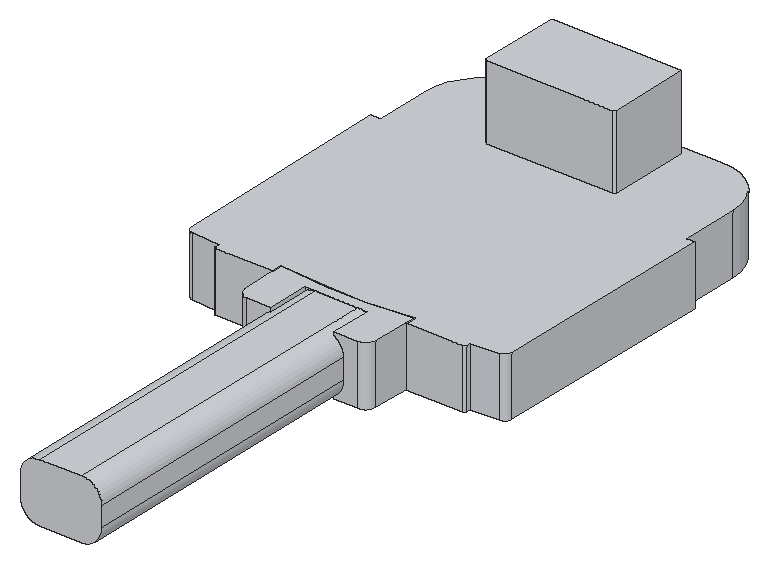
Revit family "Deca_Caixa de descarga embutida para alvenaria e drywall para bacia de piso_Caixa embutida Hydra_2500.CX.AF", category Plumbing Fixtures, host Face, Revit 2019 (continued)
Lines and regions (mm)
  symbolic lines, visible <- "Visibilidade Mecanismo Interno", not visible, detail levels fine
    curve 831: line (16.825, 1012.65, -89.704) -> (16.825, 1012.65, -108.304)
    curve 832: line (16.825, 1012.65, -108.304) -> (16.825, 1024.15, -108.304)
    curve 833: line (16.825, 1003.65, -108.304) -> (16.825, 1003.65, -89.504)
    curve 834: line (16.825, 1003.65, -89.704) -> (16.825, 999, -89.704)
    curve 835: line (16.825, 1003.65, -108.304) -> (16.825, 999, -108.304)
    curve 836: line (16.825, 1012.65, -99.011) -> (16.825, 1003.65, -99.011)
    curve 837: line (16.825, 1012.65, -89.704) -> (16.825, 1003.65, -89.704)
    curve 838: line (16.825, 1003.65, -108.304) -> (16.825, 1012.65, -108.304)
    curve 839: line (16.825, 987.25, -50.056) -> (16.825, 987.25, -44.806)
    curve 840: line (16.825, 987.25, -44.806) -> (16.825, 856.75, -44.806)
    curve 841: line (16.825, 856.75, -44.806) -> (16.825, 856.75, -50.056)
    curve 842: line (16.825, 856.75, -50.056) -> (16.825, 989, -50.056)
    curve 843: line (16.825, 989, -50.056) -> (16.825, 989, -61.056)
    curve 844: line (16.825, 989, -61.056) -> (16.825, 861, -61.056)
    curve 845: line (16.825, 861, -61.056) -> (16.825, 861, -70.004)
    curve 846: line (16.825, 864, -61.056) -> (16.825, 864, -50.056)
    curve 847: line (16.825, 861, -65.606) -> (16.825, 848.32, -65.606)
    curve 848: line (16.825, 849.75, -93.004) -> (16.825, 849.75, -104.035)
    curve 849: line (16.825, 849.75, -104.035) -> (16.825, 849.75, -125.619)
    curve 850: line (16.825, 852.25, -93.004) -> (16.825, 852.25, -104.035)
    curve 851: line (16.825, 852.25, -104.035) -> (16.825, 852.25, -125.619)
    curve 852: line (16.825, 869.75, -93.004) -> (16.825, 869.75, -104.035)
    curve 853: line (16.825, 869.75, -104.035) -> (16.825, 869.75, -125.619)
    curve 854: line (16.825, 872.25, -93.004) -> (16.825, 872.25, -104.035)
    curve 855: line (16.825, 872.25, -104.035) -> (16.825, 872.25, -125.619)
    curve 856: line (16.825, 848, -137.169) -> (16.825, 848, -142.327)
    curve 857: line (16.825, 508.303, -140.088) -> (16.825, 846.916, -141.001)
    curve 858: arc (16.825, 502.859, -139.049) -> (16.825, 505.532, -139.822) -> (16.825, 508.303, -140.088) r 15
    curve 859: line (16.825, 848.32, -70.004) -> (16.825, 848.32, -55.503)
    curve 860: line (16.825, 848.32, -55.503) -> (16.825, 797.978, -55.639)
    curve 861: line (16.825, 523.758, -57.878) -> (16.825, 797.978, -57.139)
    curve 862: line (16.825, 797.978, -55.639) -> (16.825, 797.978, -57.139)
    curve 863: line (16.825, 523.758, -57.878) -> (16.825, 486, -59.254)
    curve 864: line (16.825, 856.75, -41.56) -> (16.825, 987.25, -41.56)
    curve 865: line (16.825, 987.25, -41.56) -> (16.825, 987.25, -40)
    curve 866: line (16.825, 987.25, -40) -> (16.825, 856.75, -40)
    curve 867: line (16.825, 856.75, -40) -> (16.825, 856.75, -41.56)
    curve 868: line (16.825, 978.544, -44.806) -> (16.825, 978.544, -41.56)
    curve 869: line (16.825, 981.25, -44.806) -> (16.825, 981.25, -41.56)
    curve 870: line (16.825, 862.75, -44.806) -> (16.825, 862.75, -41.56)
    curve 871: line (16.825, 865.456, -44.806) -> (16.825, 865.456, -41.56)
Dimensions and locks
  "Distância": level to plane 4
  aligned and locked: plane 2 to host face
  aligned and locked: level to host face
Automatic sketch dimensions
  curve 381 to curve 385 = 25.799 mm
  curve 385 to curve 384 = 1.035 mm
  curve 384 to curve 384 = 2.446 mm  (x2)
  curve 387 to curve 388 = 14.217 mm
  curve 393 to curve 331 = 2.463 mm
  curve 391 to curve 391 = 4 mm
  curve 389 to curve 341 = 7.581 mm
  curve 331 to curve 329 = 14.142 mm
  curve 389 to curve 362 = 11.117 mm
  curve 362 to curve 363 = 9.986 mm
  curve 362 to curve 364 = 9.986 mm
  curve 359 to curve 328 = 8.669 mm
  curve 361 to curve 342 = 8.669 mm
  curve 364 to curve 375 = 10.971 mm
  curve 376 to curve 377 = 0.05 mm  (x2)
  curve 342 to curve 343 = 4.848 mm
  curve 327 to curve 326 = 3.105 mm  (x2)
  curve 342 to curve 373 = 29.305 mm  (x2)
  curve 373 to curve 374 = 25 mm
  curve 374 to curve 378 = 47.019 mm
  curve 380 to curve 379 = 0.05 mm
  curve 375 to curve 397 = 50.375 mm
  curve 397 to curve 398 = 1.563 mm
  curve 397 to curve 345 = 85.404 mm
  curve 345 to curve 395 = 4.807 mm
  curve 395 to curve 350 = 59.437 mm
  curve 349 to curve 350 = 0 mm
  curve 395 to curve 406 = 49.282 mm
  curve 350 to curve 421 = 78.227 mm
  curve 343 to curve 421 = 1.736 mm
  curve 343 to curve 347 = 42.182 mm
  curve 347 to curve 346 = 0.158 mm
  curve 346 to curve 348 = 0 mm
  curve 421 to curve 422 = 0.5 mm  (x2)
  curve 422 to curve 423 = 0.5 mm
  curve 422 to curve 420 = 1.732 mm
  curve 347 to curve 357 = 64.968 mm
  curve 357 to curve 352 = 54.64 mm
  curve 352 to curve 351 = 0.158 mm
  curve 354 to curve 351 = 0 mm
  curve 409 to curve 395 = 49.001 mm
  curve 396 to curve 400 = 6.295 mm
  curve 399 to curve 372 = 50.208 mm
  curve 372 to curve 371 = 0.05 mm
  curve 370 to curve 339 = 54.48 mm
  curve 338 to curve 429 = 84.057 mm
  curve 338 to curve 337 = 3.107 mm
  curve 337 to curve 369 = 13.468 mm
  curve 369 to curve 367 = 1.4 mm
  curve 337 to curve 337 = 4.848 mm  (x2)
  curve 420 to curve 429 = 4.848 mm  (x2)
  curve 337 to curve 336 = 2.813 mm
  curve 428 to curve 366 = 13.916 mm
  curve 336 to curve 359 = 5.952 mm
  curve 359 to curve 336 = 4.467 mm
  curve 335 to curve 334 = 3.73 mm
  curve 366 to curve 360 = 9.908 mm
  curve 334 to curve 334 = 3.869 mm
  curve 366 to curve 425 = 11.056 mm
  curve 415 to curve 332 = 4.337 mm
  curve 425 to curve 424 = 4 mm
  curve 418 to curve 417 = 17.636 mm
  curve 417 to curve 427 = 5.202 mm
  curve 422 to curve 423 = 1.732 mm
  curve 421 to curve 342 = 194.999 mm
  curve 342 to curve 342 = 4.848 mm
  curve 428 to curve 361 = 5.949 mm
  curve 340 to curve 391 = 11.069 mm
  curve 428 to curve 426 = 7.594 mm
  curve 388 to curve 387 = 14.217 mm
  curve 374 to curve 373 = 25 mm
  curve 424 to curve 417 = 23.148 mm
  curve 392 to curve 392 = 2.062 mm
  curve 392 to curve 384 = 0.804 mm
  curve 417 to curve 416 = 12.73 mm
  curve 343 to curve 350 = 78.227 mm
  curve 343 to curve 348 = 42.024 mm
  curve 351 to curve 348 = 67.5 mm
  curve 350 to curve 349 = 0 mm
  curve 351 to curve 353 = 0 mm
  curve 348 to curve 346 = 0 mm
  curve 353 to curve 352 = 0.158 mm
  curve 346 to curve 347 = 0.158 mm
  curve 385 to curve 381 = 25.799 mm
  curve 416 to curve 411 = 26.462 mm
  curve 393 to curve 378 = 34.378 mm
  curve 393 to curve 362 = 17.539 mm
  curve 362 to curve 394 = 11.131 mm
  curve 367 to curve 371 = 1.35 mm
  curve 378 to curve 379 = 1.35 mm
  curve 367 to curve 368 = 1.35 mm
  curve 377 to curve 376 = 1.35 mm
  curve 371 to curve 372 = 0.05 mm
  curve 368 to curve 369 = 0.05 mm
  curve 360 to curve 415 = 7.183 mm
  curve 393 to curve 331 = 1.168 mm
  curve 369 to curve 370 = 1.35 mm
  curve 331 to curve 331 = 1.299 mm
  curve 415 to curve 332 = 1.96 mm
  curve 359 to curve 329 = 11.38 mm
  curve 359 to curve 334 = 7.645 mm
  curve 335 to curve 336 = 3.73 mm
  curve 359 to curve 336 = 5.952 mm
  curve 329 to curve 328 = 2.821 mm  (x2)
  curve 338 to curve 339 = 3.107 mm
  curve 339 to curve 358 = 6.948 mm
  curve 357 to curve 396 = 49.282 mm
  curve 395 to curve 398 = 6.818 mm
  curve 399 to curve 400 = 1.56 mm
  curve 331 to curve 330 = 2.986 mm
  curve 391 to curve 340 = 1.806 mm
  curve 387 to curve 390 = 4.5 mm
  curve 330 to curve 364 = 3.157 mm
  curve 340 to curve 362 = 3.157 mm
  curve 340 to curve 390 = 1.028 mm
  curve 327 to curve 328 = 1.893 mm
  curve 327 to curve 327 = 0.014 mm
  curve 404 to curve 405 = 2.706 mm
  curve 345 to curve 401 = 2.805 mm
  curve 326 to curve 357 = 7.034 mm
  curve 347 to curve 347 = 18.5 mm
  curve 357 to curve 407 = 32.4 mm
  curve 407 to curve 408 = 21 mm
  curve 346 to curve 348 = 18.5 mm
  curve 357 to curve 339 = 6.948 mm
  curve 353 to curve 352 = 21.998 mm
  curve 354 to curve 351 = 3.506 mm
  curve 352 to curve 351 = 18.5 mm
  curve 403 to curve 395 = 2.706 mm
  curve 351 to curve 354 = 3.547 mm
  curve 354 to curve 353 = 0.437 mm
  curve 402 to curve 344 = 2.706 mm
  curve 338 to curve 338 = 5.002 mm
  curve 338 to curve 338 = 0.014 mm
  curve 335 to curve 335 = 0.016 mm
  curve 366 to curve 419 = 3.082 mm
  curve 360 to curve 333 = 3.082 mm
  curve 419 to curve 425 = 7.581 mm
  curve 419 to curve 428 = 0.022 mm
  curve 333 to curve 335 = 2.131 mm
  curve 419 to curve 424 = 1.806 mm
  curve 333 to curve 332 = 2.986 mm
  curve 419 to curve 424 = 2.652 mm
  curve 418 to curve 417 = 8.972 mm
  curve 417 to curve 418 = 0.945 mm
  curve 417 to curve 427 = 2.531 mm  (x2)
  curve 428 to curve 419 = 0.022 mm
  curve 340 to curve 390 = 5.54 mm
  curve 340 to curve 387 = 3.973 mm
  curve 419 to curve 418 = 3.973 mm
  curve 418 to curve 418 = 8.192 mm
  curve 418 to curve 417 = 0.945 mm
  curve 388 to curve 381 = 4.123 mm
  curve 416 to curve 416 = 9.5 mm
  curve 385 to curve 385 = 8.964 mm
  curve 389 to curve 393 = 5 mm
  curve 414 to curve 415 = 0.529 mm
  curve 332 to curve 415 = 0.163 mm
  curve 356 to curve 357 = 1.1 mm
  curve 388 to curve 340 = 2.652 mm
  curve 383 to curve 388 = 9.014 mm
  curve 383 to curve 393 = 0.638 mm  (x2)
  curve 416 to curve 413 = 25.933 mm
  curve 412 to curve 412 = 8 mm
  curve 429 to curve 366 = 15.955 mm
  curve 429 to curve 361 = 8.739 mm
  curve 367 to curve 365 = 10.853 mm
  curve 414 to curve 424 = 8.5 mm
  curve 414 to curve 413 = 0.707 mm
  curve 413 to curve 414 = 0.707 mm
  curve 336 to curve 337 = 7.544 mm
  curve 345 to curve 345 = 85.193 mm
  curve 402 to curve 397 = 85.647 mm
  curve 328 to curve 328 = 4.849 mm  (x2)
  curve 382 to curve 383 = 0.707 mm  (x2)
  curve 382 to curve 381 = 0.707 mm
  curve 381 to curve 382 = 0.707 mm
  curve 382 to curve 382 = 7 mm
  curve 384 to curve 385 = 1.035 mm
  curve 384 to curve 392 = 0.804 mm
  curve 353 to curve 354 = 0 mm  (x4)
  curve 387 to curve 386 = 9.575 mm
  curve 387 to curve 386 = 0.945 mm
  curve 354 to curve 355 = 0 mm  (x4)
  curve 341 to curve 361 = 11.38 mm
  curve 353 to curve 355 = 0 mm  (x2)
  curve 341 to curve 342 = 2.821 mm
  curve 214 to curve 213 = 44.739 mm
  curve 213 to curve 212 = 1 mm
  curve 219 to curve 219 = 12 mm
  curve 212 to curve 210 = 91.8 mm
  curve 210 to curve 209 = 1 mm
  curve 209 to curve 215 = 326.529 mm
  curve 216 to curve 214 = 49.8 mm  (x2)
  curve 312 to curve 311 = 5.542 mm
  curve 214 to curve 315 = 37.783 mm
  curve 315 to curve 316 = 274.22 mm
  curve 315 to curve 238 = 40.825 mm
  curve 238 to curve 237 = 2 mm
  curve 232 to curve 232 = 2.5 mm
  curve 236 to curve 314 = 17.798 mm
  curve 231 to curve 303 = 14.08 mm
  curve 302 to curve 304 = 2.5 mm
  curve 313 to curve 295 = 10.036 mm
  curve 321 to curve 294 = 3.246 mm
  curve 305 to curve 227 = 14.318 mm
  curve 295 to curve 299 = 11.792 mm
  curve 320 to curve 223 = 85.405 mm
  curve 304 to curve 306 = 17.5 mm
  curve 306 to curve 308 = 2.5 mm
  curve 309 to curve 274 = 10.176 mm
  curve 309 to curve 233 = 11.695 mm
  curve 234 to curve 235 = 2.5 mm
  curve 235 to curve 239 = 5 mm
  curve 249 to curve 248 = 11.492 mm
  curve 246 to curve 248 = 4.08 mm
  curve 248 to curve 272 = 2.832 mm
  curve 246 to curve 273 = 2.832 mm
  curve 273 to curve 250 = 1.688 mm  (x2)
  curve 272 to curve 254 = 1.688 mm
  curve 250 to curve 243 = 3.59 mm
  curve 254 to curve 244 = 3.59 mm
  curve 273 to curve 251 = 0.895 mm
  curve 272 to curve 255 = 0.895 mm  (x2)
  curve 254 to curve 228 = 11.394 mm
  curve 254 to curve 247 = 2.424 mm  (x2)
  curve 250 to curve 245 = 2.424 mm
  curve 229 to curve 244 = 2.368 mm  (x2)
  curve 243 to curve 243 = 2.416 mm
  curve 251 to curve 252 = 4.229 mm
  curve 256 to curve 252 = 1.53 mm
  curve 252 to curve 253 = 0.365 mm
  curve 256 to curve 257 = 0.365 mm  (x2)
  curve 257 to curve 258 = 1.335 mm  (x2)
  curve 245 to curve 275 = 3.852 mm  (x2)
  curve 247 to curve 271 = 3.852 mm
  curve 224 to curve 293 = 7.688 mm
  curve 318 to curve 293 = 3.246 mm
  curve 277 to curve 298 = 7.7 mm
  curve 271 to curve 265 = 4.668 mm
  curve 275 to curve 262 = 4.667 mm
  curve 262 to curve 267 = 0.835 mm  (x2)
  curve 265 to curve 269 = 0.835 mm
  curve 262 to curve 261 = 0.974 mm
  curve 265 to curve 266 = 1.075 mm  (x2)
  curve 269 to curve 230 = 1.951 mm
  curve 261 to curve 268 = 1.185 mm
  curve 266 to curve 270 = 1.104 mm
  curve 268 to curve 267 = 1.423 mm  (x2)
  curve 230 to curve 269 = 0.841 mm
  curve 268 to curve 260 = 4.444 mm
  curve 270 to curve 264 = 4.444 mm
  curve 264 to curve 282 = 2.507 mm  (x2)
  curve 277 to curve 279 = 18.029 mm
  curve 281 to curve 280 = 1.35 mm
  curve 289 to curve 292 = 4.65 mm
  curve 281 to curve 263 = 8.028 mm  (x2)
  curve 259 to curve 263 = 2.775 mm
  curve 288 to curve 291 = 9 mm
  curve 284 to curve 283 = 11.5 mm
  curve 312 to curve 218 = 16.861 mm
  curve 312 to curve 227 = 352.711 mm
  curve 227 to curve 233 = 17.56 mm
  curve 229 to curve 244 = 1.9 mm
  curve 229 to curve 269 = 1.951 mm
  curve 269 to curve 269 = 1.779 mm
  curve 265 to curve 265 = 0.835 mm
  curve 219 to curve 220 = 2.071 mm
  curve 270 to curve 270 = 1.423 mm
  curve 244 to curve 254 = 3.59 mm
  curve 265 to curve 271 = 4.668 mm
  curve 270 to curve 264 = 3.959 mm
  curve 254 to curve 272 = 1.688 mm
  curve 272 to curve 248 = 2.832 mm
  curve 255 to curve 256 = 4.229 mm
  curve 234 to curve 274 = 17.248 mm
  curve 248 to curve 249 = 11.492 mm
  curve 257 to curve 253 = 1.09 mm
  curve 253 to curve 252 = 0.365 mm
  curve 263 to curve 259 = 2.775 mm
  curve 248 to curve 246 = 4.08 mm
  curve 246 to curve 251 = 3.23 mm
  curve 251 to curve 273 = 0.895 mm
  curve 281 to curve 260 = 9.199 mm
  curve 251 to curve 245 = 2.447 mm
  curve 259 to curve 283 = 18.555 mm
  curve 260 to curve 268 = 4.444 mm
  curve 268 to curve 261 = 1.185 mm
  curve 261 to curve 262 = 0.974 mm
  curve 245 to curve 243 = 3.785 mm
  curve 245 to curve 243 = 2.416 mm
  curve 274 to curve 304 = 26.224 mm
  curve 274 to curve 309 = 12.425 mm
  curve 304 to curve 303 = 2.5 mm
  curve 307 to curve 308 = 2.5 mm
  curve 217 to curve 215 = 49.8 mm
  curve 308 to curve 239 = 17.628 mm
  curve 285 to curve 284 = 18.6 mm
  curve 291 to curve 280 = 12.266 mm
  curve 276 to curve 277 = 9.751 mm
  curve 277 to curve 298 = 8.161 mm
  curve 214 to curve 317 = 37.783 mm
  curve 237 to curve 316 = 40.825 mm
  curve 315 to curve 316 = 1.5 mm
  curve 298 to curve 314 = 13.843 mm
  curve 297 to curve 297 = 11 mm
  curve 293 to curve 293 = 5.25 mm
  curve 294 to curve 321 = 3.246 mm
  curve 318 to curve 320 = 1.56 mm
  curve 209 to curve 210 = 44.011 mm
  curve 224 to curve 223 = 85.194 mm
  curve 232 to curve 311 = 6.472 mm
  curve 311 to curve 310 = 3.982 mm  (x2)
  curve 324 to curve 222 = 1.56 mm
  curve 298 to curve 300 = 3 mm
  curve 324 to curve 325 = 2.706 mm
  curve 222 to curve 225 = 2.706 mm
  curve 253 to curve 246 = 4.629 mm
  curve 257 to curve 248 = 4.629 mm
  curve 253 to curve 253 = 3.164 mm
  curve 252 to curve 253 = 0 mm
  curve 256 to curve 257 = 0 mm
  curve 255 to curve 256 = 0 mm
  curve 251 to curve 252 = 0 mm
  curve 322 to curve 224 = 3.124 mm
  curve 226 to curve 223 = 2.706 mm
  curve 323 to curve 224 = 1.56 mm
  curve 248 to curve 247 = 0 mm
  curve 246 to curve 245 = 0.002 mm
  curve 275 to curve 259 = 2.642 mm
  curve 264 to curve 263 = 0 mm
  curve 260 to curve 259 = 0 mm
  curve 266 to curve 265 = 0.935 mm
  curve 261 to curve 260 = 0 mm
  curve 278 to curve 279 = 6.65 mm
  curve 271 to curve 270 = 0 mm
  curve 275 to curve 268 = 0 mm
  curve 272 to curve 271 = 0 mm
  curve 273 to curve 275 = 0.002 mm
  curve 274 to curve 260 = 1.569 mm
  curve 311 to curve 232 = 6.472 mm
  curve 310 to curve 311 = 1.712 mm
  curve 232 to curve 305 = 11.45 mm
  curve 307 to curve 274 = 11.246 mm
  curve 307 to curve 309 = 2.5 mm
  curve 305 to curve 303 = 2.5 mm
  curve 285 to curve 290 = 9.293 mm
  curve 288 to curve 291 = 4.65 mm
  curve 288 to curve 287 = 0.2 mm
  curve 299 to curve 301 = 4.398 mm
  curve 241 to curve 240 = 2 mm
  curve 242 to curve 240 = 8.016 mm
  curve 239 to curve 231 = 40.311 mm
  curve 239 to curve 241 = 21.095 mm
  curve 238 to curve 242 = 8.016 mm  (x2)
  curve 223 to curve 296 = 95.565 mm
  curve 100 to curve 168 = 0 mm  (x2)
  curve 101 to curve 102 = 0 mm  (x2)
  curve 101 to curve 103 = 0 mm  (x2)
  curve 101 to curve 104 = 0 mm  (x2)
  curve 101 to curve 169 = 0 mm  (x2)
  curve 102 to curve 103 = 0 mm  (x2)
  curve 102 to curve 104 = 0 mm  (x2)
  curve 102 to curve 169 = 0 mm  (x2)
  curve 103 to curve 104 = 0 mm  (x2)
  curve 103 to curve 169 = 0 mm  (x2)
  curve 104 to curve 169 = 0 mm  (x2)
  plane 1 "Center (Front/Back)" to curve 179 = 0 mm
  curve 181 to plane 3 "Center (Left/Right)" = 0 mm
  plane 1 "Center (Front/Back)" to curve 180 = 0 mm
  curve 194 to plane 3 "Center (Left/Right)" = 10.53 mm
  curve 185 to curve 194 = 1.47 mm
  curve 56 to plane 3 "Center (Left/Right)" = 20.65 mm
  curve 58 to curve 57 = 1.35 mm
  curve 193 to plane 1 "Center (Front/Back)" = 1.886 mm
  curve 193 to plane 3 "Center (Left/Right)" = 38.417 mm
  curve 184 to curve 185 = 30.9 mm
  curve 131 to plane 3 "Center (Left/Right)" = 43 mm
  curve 23 to plane 3 "Center (Left/Right)" = 44 mm
  curve 187 to curve 193 = 5.756 mm
  curve 129 to curve 23 = 1.282 mm
  curve 178 to curve 187 = 1.327 mm  (x2)
  curve 53 to curve 57 = 23.501 mm
  curve 130 to curve 129 = 1.121 mm
  curve 51 to curve 52 = 1.349 mm
  curve 186 to curve 178 = 9.662 mm
  curve 205 to plane 3 "Center (Left/Right)" = 56 mm
  curve 85 to curve 52 = 9.85 mm
  curve 82 to curve 82 = 0.4 mm
  curve 136 to curve 186 = 2.338 mm
  curve 76 to curve 85 = 1.5 mm
  curve 203 to curve 82 = 2.571 mm
  curve 208 to curve 208 = 2 mm
  curve 198 to curve 76 = 3.641 mm
  curve 137 to curve 205 = 9 mm
  curve 202 to curve 198 = 5.659 mm
  curve 197 to curve 198 = 11.317 mm
  curve 201 to curve 197 = 2.57 mm
  curve 78 to curve 202 = 3.641 mm
  curve 24 to curve 137 = 12.829 mm
  curve 84 to curve 201 = 2.171 mm
  curve 86 to curve 78 = 1.496 mm
  curve 51 to curve 83 = 10.25 mm
  curve 38 to curve 50 = 0.964 mm
  curve 43 to plane 3 "Center (Left/Right)" = 89.114 mm
  curve 98 to curve 38 = 0.081 mm
  curve 92 to curve 42 = 0.081 mm
  curve 49 to curve 50 = 1.35 mm
  curve 36 to curve 37 = 1 mm
  curve 28 to curve 92 = 2.702 mm
  curve 33 to curve 49 = 2.397 mm
  curve 89 to curve 36 = 1.787 mm
  curve 91 to curve 36 = 1.787 mm
  curve 25 to curve 128 = 14.477 mm
  curve 162 to curve 128 = 4.347 mm
  curve 161 to curve 162 = 0.577 mm
  curve 160 to curve 162 = 0.671 mm
  curve 26 to curve 91 = 5.995 mm
  curve 35 to curve 89 = 5.995 mm
  curve 157 to curve 160 = 5.374 mm
  curve 67 to curve 34 = 39.891 mm
  curve 65 to curve 27 = 41.033 mm
  curve 67 to curve 64 = 2.061 mm
  curve 44 to curve 65 = 0.97 mm
  curve 66 to curve 65 = 3.395 mm
  curve 174 to curve 65 = 6.612 mm
  curve 175 to curve 174 = 1.528 mm
  curve 174 to curve 175 = 0 mm
  curve 71 to curve 67 = 9.215 mm
  curve 74 to curve 71 = 2.686 mm
  curve 173 to curve 174 = 13.59 mm
  curve 177 to curve 104 = 13.59 mm
  curve 101 to curve 173 = 0.882 mm
  curve 172 to curve 101 = 0.882 mm
  curve 176 to curve 104 = 0.882 mm
  curve 176 to curve 104 = 1.764 mm
  curve 172 to curve 101 = 1.764 mm
  curve 159 to curve 25 = 76.279 mm
  curve 158 to curve 159 = 0.011 mm
  curve 70 to curve 103 = 7.875 mm
  curve 152 to curve 158 = 5.905 mm
  curve 171 to curve 70 = 5.715 mm
  curve 170 to curve 102 = 0 mm
  curve 170 to curve 102 = 1.528 mm
  curve 150 to curve 151 = 3 mm
  curve 75 to curve 73 = 35 mm
  curve 46 to curve 44 = 48.5 mm
  curve 69 to curve 75 = 2.5 mm
  curve 105 to curve 45 = 3.877 mm
  curve 106 to curve 105 = 3.099 mm
  curve 68 to curve 69 = 9.25 mm
  curve 106 to curve 106 = 15.893 mm
  curve 108 to curve 107 = 3.73 mm
  curve 153 to curve 149 = 38.576 mm
  curve 149 to curve 153 = 0.872 mm
  curve 124 to curve 108 = 3 mm
  curve 165 to curve 166 = 1 mm
  curve 122 to curve 124 = 5 mm
  curve 165 to curve 123 = 2 mm
  curve 110 to curve 153 = 10 mm
  curve 154 to curve 110 = 1.079 mm
  curve 155 to curve 154 = 0.216 mm
  curve 156 to curve 155 = 0.994 mm
  curve 108 to curve 122 = 5.869 mm
  curve 47 to curve 167 = 8.4 mm
  curve 168 to curve 168 = 9.5 mm
  curve 122 to curve 108 = 38.631 mm
  curve 120 to curve 121 = 1 mm
  curve 191 to plane 3 "Center (Left/Right)" = 269.882 mm
  curve 90 to curve 120 = 11.401 mm
  plane 3 "Center (Left/Right)" to curve 196 = 10.53 mm
  curve 196 to curve 190 = 1.47 mm
  plane 3 "Center (Left/Right)" to curve 55 = 20.65 mm
  curve 55 to curve 54 = 1.35 mm
  curve 195 to plane 1 "Center (Front/Back)" = 1.886 mm
  plane 3 "Center (Left/Right)" to curve 195 = 38.417 mm
  plane 3 "Center (Left/Right)" to curve 21 = 43 mm
  curve 21 to curve 20 = 1 mm
  curve 195 to curve 188 = 5.756 mm
  curve 20 to curve 133 = 1.487 mm
  curve 54 to curve 59 = 23.5 mm
  curve 188 to curve 180 = 1.327 mm
  curve 133 to curve 134 = 0.915 mm
  curve 59 to curve 61 = 1.35 mm
  curve 180 to curve 189 = 9.662 mm
  plane 3 "Center (Left/Right)" to curve 206 = 56 mm
  curve 189 to curve 125 = 2.338 mm
  curve 207 to curve 207 = 2 mm
  curve 206 to curve 135 = 9 mm
  curve 135 to curve 132 = 12.829 mm
  curve 60 to curve 62 = 41.3 mm
  curve 62 to curve 39 = 0.964 mm
  plane 3 "Center (Left/Right)" to curve 42 = 89.114 mm
  curve 42 to curve 94 = 0.081 mm
  curve 39 to curve 97 = 0.081 mm
  curve 62 to curve 63 = 1.35 mm
  curve 41 to curve 40 = 1 mm
  curve 63 to curve 33 = 2.397 mm
  curve 93 to curve 28 = 2.702 mm
  curve 40 to curve 96 = 1.787 mm
  curve 40 to curve 94 = 1.787 mm
  curve 40 to curve 96 = 1.886 mm
  curve 132 to curve 127 = 14.477 mm
  curve 127 to curve 148 = 4.347 mm
  curve 148 to curve 147 = 0.577 mm
  curve 148 to curve 146 = 0.671 mm
  curve 96 to curve 31 = 5.995 mm
  curve 94 to curve 30 = 5.995 mm
  curve 95 to curve 31 = 6 mm
  curve 146 to curve 140 = 5.374 mm
  curve 32 to curve 64 = 39.897 mm
  curve 30 to curve 2 = 40.004 mm
  curve 2 to curve 1 = 1.773 mm
  curve 4 to curve 4 = 2.055 mm
  curve 5 to curve 5 = 9.212 mm
  curve 5 to curve 8 = 2.689 mm
  curve 132 to curve 145 = 76.279 mm
  curve 145 to curve 144 = 0.011 mm
  curve 2 to curve 7 = 31.097 mm
  curve 144 to curve 141 = 5.905 mm
  curve 142 to curve 143 = 3 mm
  curve 8 to curve 8 = 35 mm
  curve 9 to curve 6 = 2.562 mm
  curve 1 to curve 105 = 52.491 mm
  curve 105 to curve 112 = 3.109 mm
  curve 6 to curve 3 = 9.202 mm
  curve 112 to curve 112 = 15.893 mm
  curve 113 to curve 114 = 3.73 mm
  curve 138 to curve 139 = 38.576 mm
  curve 139 to curve 138 = 0.872 mm
  curve 3 to curve 163 = 19.368 mm
  curve 163 to curve 16 = 0.118 mm
  curve 16 to curve 15 = 5 mm
  curve 16 to curve 17 = 5 mm
  curve 139 to curve 115 = 10 mm
  curve 17 to curve 115 = 5.869 mm
  curve 14 to curve 14 = 44.5 mm
  curve 114 to curve 19 = 38.631 mm
  curve 13 to curve 12 = 1 mm
  plane 3 "Center (Left/Right)" to curve 192 = 269.882 mm
  plane 1 "Center (Front/Back)" to curve 191 = 204.805 mm
  plane 1 "Center (Front/Back)" to curve 192 = 204.805 mm
  curve 180 to curve 188 = 1.327 mm
  curve 180 to curve 189 = 7.284 mm
  curve 136 to curve 186 = 7.284 mm
  curve 188 to curve 190 = 32.173 mm
  curve 185 to curve 190 = 0 mm
  curve 185 to curve 181 = 5.5 mm
  curve 185 to curve 194 = 6.425 mm
  curve 190 to curve 196 = 6.425 mm
  curve 181 to curve 183 = 8 mm
  curve 182 to curve 207 = 85.445 mm
  curve 184 to curve 208 = 85.446 mm
  curve 207 to curve 206 = 10.429 mm
  curve 208 to curve 205 = 10.428 mm
  curve 135 to curve 126 = 271.126 mm
  curve 24 to curve 126 = 0 mm
  curve 24 to curve 129 = 1.466 mm
  curve 126 to curve 20 = 1.568 mm
  curve 159 to curve 25 = 11.614 mm
  curve 145 to curve 132 = 11.614 mm
  curve 129 to curve 130 = 3.075 mm
  curve 133 to curve 134 = 4.023 mm
  curve 159 to curve 158 = 6.629 mm
  curve 145 to curve 144 = 6.629 mm
  curve 134 to curve 21 = 53.41 mm
  curve 127 to curve 147 = 50.713 mm
  curve 128 to curve 161 = 50.713 mm
  curve 147 to curve 148 = 0.337 mm
  curve 161 to curve 162 = 0.337 mm
  curve 144 to curve 141 = 56.208 mm
  curve 158 to curve 152 = 56.208 mm
  curve 148 to curve 146 = 2.704 mm
  curve 162 to curve 160 = 2.704 mm
  curve 146 to curve 140 = 0.47 mm
  curve 160 to curve 160 = 0.47 mm
  curve 143 to curve 143 = 4.9 mm
  curve 150 to curve 150 = 4.9 mm
  curve 138 to curve 138 = 3.451 mm
  curve 149 to curve 149 = 3.451 mm
  curve 139 to curve 115 = 9.875 mm
  curve 149 to curve 110 = 9.875 mm
  curve 110 to curve 154 = 9.074 mm
  curve 154 to curve 156 = 1.891 mm
  curve 155 to curve 155 = 0.109 mm
  curve 139 to curve 114 = 319.987 mm
  curve 155 to curve 110 = 309 mm
  curve 107 to curve 106 = 1.301 mm
  curve 113 to curve 112 = 1.301 mm
  curve 114 to curve 18 = 3 mm
  curve 108 to curve 122 = 3 mm
  curve 124 to curve 166 = 4.779 mm
  curve 112 to curve 112 = 12.616 mm
  curve 106 to curve 106 = 12.616 mm
  curve 112 to curve 105 = 1.084 mm
  curve 111 to curve 28 = 8.75 mm
  curve 28 to curve 30 = 5.99 mm
  curve 28 to curve 26 = 5.99 mm
  curve 28 to curve 93 = 6 mm
  curve 93 to curve 42 = 1.886 mm
  curve 94 to curve 40 = 0.179 mm
  curve 92 to curve 36 = 0.179 mm
  curve 164 to curve 47 = 6.844 mm
  curve 16 to curve 16 = 40 mm
  curve 26 to curve 44 = 37.544 mm
  curve 44 to curve 65 = 0.755 mm
  curve 29 to curve 1 = 46.753 mm
  curve 1 to curve 2 = 4.401 mm
  curve 14 to curve 163 = 28 mm
  curve 65 to curve 66 = 12.895 mm
  curve 2 to curve 95 = 8.106 mm
  curve 46 to curve 168 = 49.7 mm
  curve 95 to curve 30 = 0 mm
  curve 66 to curve 177 = 23.35 mm
  curve 176 to curve 176 = 1.528 mm
  curve 176 to curve 177 = 0 mm
  curve 103 to curve 70 = 6.436 mm
  curve 2 to curve 7 = 35.695 mm
  curve 177 to curve 175 = 13.59 mm
  curve 175 to curve 175 = 0.882 mm
  curve 103 to curve 170 = 0.882 mm
  curve 103 to curve 171 = 1.764 mm
  curve 175 to curve 174 = 1.764 mm
  curve 101 to curve 173 = 1.528 mm
  curve 100 to curve 48 = 50.3 mm
  curve 95 to curve 40 = 56.364 mm
  curve 47 to curve 89 = 6.244 mm
  curve 40 to curve 96 = 0.179 mm
  curve 38 to curve 98 = 1.886 mm
  curve 35 to curve 35 = 2.717 mm
  curve 96 to curve 31 = 2.717 mm
  curve 97 to curve 33 = 6 mm
  curve 172 to curve 67 = 19 mm
  curve 53 to curve 202 = 0.752 mm
  curve 53 to curve 53 = 6.596 mm
  curve 59 to curve 59 = 6.65 mm
  curve 52 to curve 52 = 0.054 mm
  curve 54 to curve 55 = 6.65 mm
  curve 81 to curve 83 = 4.65 mm
  curve 200 to curve 200 = 1.493 mm
  curve 199 to curve 199 = 1.493 mm
  curve 82 to curve 82 = 1.493 mm
  curve 83 to curve 84 = 1.493 mm
  curve 198 to curve 203 = 2.587 mm
  curve 84 to curve 201 = 2.587 mm
  curve 2 to curve 10 = 42.462 mm
  curve 66 to curve 74 = 29.956 mm
  curve 201 to curve 197 = 4.02 mm
  curve 203 to curve 88 = 4.02 mm
  curve 75 to curve 75 = 3.5 mm
  curve 9 to curve 9 = 3.5 mm
  curve 201 to curve 79 = 0.898 mm
  curve 9 to curve 6 = 1.749 mm
  curve 73 to curve 71 = 1.75 mm
  curve 75 to curve 69 = 1.75 mm
  curve 5 to curve 8 = 1.748 mm
  curve 71 to curve 67 = 0.806 mm
  curve 5 to curve 4 = 0.804 mm
  curve 76 to curve 77 = 11.5 mm
  curve 194 to plane 3 "Center (Left/Right)" = 12.886 mm
  curve 192 to plane 3 "Center (Left/Right)" = 22.7 mm
  curve 193 to curve 194 = 0 mm
  curve 187 to curve 193 = 0 mm
  curve 185 to curve 184 = 3.123 mm
  curve 192 to curve 185 = 0 mm
  curve 186 to curve 187 = 0 mm
  curve 203 to curve 85 = 0.004 mm
  curve 80 to curve 82 = 1.1 mm
  curve 198 to curve 200 = 0.453 mm
  curve 199 to curve 197 = 0.453 mm
  curve 83 to curve 81 = 1.1 mm
  curve 27 to curve 92 = 2.702 mm
  curve 34 to curve 98 = 2.702 mm
  curve 161 to curve 152 = 0.508 mm
  curve 162 to curve 152 = 0.191 mm
  curve 161 to curve 25 = 2.931 mm
  curve 26 to curve 119 = 0.261 mm
  curve 27 to curve 27 = 0 mm
  curve 34 to curve 35 = 0 mm
  curve 26 to curve 27 = 0.005 mm
  curve 35 to curve 34 = 0.005 mm
  curve 70 to curve 71 = 0 mm
  curve 151 to curve 159 = 13.971 mm
  curve 66 to curve 65 = 0 mm
  curve 157 to curve 159 = 2.471 mm
  curve 158 to curve 157 = 5.698 mm
  curve 159 to curve 158 = 0 mm
  curve 158 to curve 149 = 0 mm
  curve 109 to curve 109 = 3.925 mm
  curve 106 to curve 109 = 3.109 mm
  curve 118 to curve 107 = 0.967 mm
  curve 123 to curve 107 = 3 mm
  curve 119 to curve 118 = 5.645 mm
  curve 123 to curve 107 = 2 mm
  curve 154 to curve 154 = 1 mm
  curve 154 to curve 154 = 0.107 mm
  curve 155 to curve 154 = 0.001 mm
  curve 156 to curve 155 = 1.078 mm
  curve 164 to curve 167 = 4 mm
  plane 3 "Center (Left/Right)" to curve 196 = 12.886 mm
  plane 3 "Center (Left/Right)" to curve 191 = 22.7 mm
  curve 195 to curve 196 = 0 mm
  curve 188 to curve 195 = 0 mm
  curve 195 to curve 179 = 3.284 mm
  curve 182 to curve 191 = 3.123 mm
  curve 190 to curve 191 = 0 mm
  curve 189 to curve 188 = 0 mm
  curve 207 to curve 206 = 0 mm
  curve 32 to curve 97 = 3.298 mm
  curve 29 to curve 93 = 3.298 mm
  curve 97 to curve 32 = 2.702 mm
  curve 93 to curve 29 = 2.702 mm
  curve 141 to curve 147 = 0.508 mm
  curve 141 to curve 148 = 0.191 mm
  curve 127 to curve 147 = 2.931 mm
  curve 117 to curve 30 = 0.261 mm
  curve 7 to curve 11 = 5.396 mm
  curve 145 to curve 144 = 8.169 mm
  curve 145 to curve 140 = 2.471 mm
  curve 145 to curve 144 = 0 mm
  curve 111 to curve 105 = 0 mm
  curve 112 to curve 111 = 1.891 mm
  curve 113 to curve 113 = 2.27 mm
  curve 116 to curve 113 = 1.637 mm
  curve 113 to curve 17 = 3 mm
  curve 114 to curve 204 = 0.631 mm
  curve 154 to curve 154 = 0.009 mm
  curve 155 to curve 156 = 27.856 mm
  curve 108 to curve 164 = 3.5 mm
  curve 166 to curve 124 = 3.1 mm
  curve 100 to curve 100 = 8.246 mm
  curve 100 to curve 168 = 3.57 mm
  curve 2 to curve 3 = 0.206 mm
  host sketch curve to host sketch curve = 2471.596 mm
  host sketch curve to host sketch curve = 2311.13 mm
  plane 1 "Center (Front/Back)" to Masking region 1 sketch curve = 0 mm
  Masking region 1 sketch curve to plane 3 "Center (Left/Right)" = 291.201 mm
  Masking region 1 sketch curve to Masking region 1 sketch curve = 11.299 mm
  Masking region 1 sketch curve to Masking region 1 sketch curve = 11.401 mm
  Masking region 1 sketch curve to Masking region 1 sketch curve = 1 mm  (x2)
  Masking region 1 sketch curve to Masking region 1 sketch curve = 38.631 mm  (x2)
  Masking region 1 sketch curve to plane 3 "Center (Left/Right)" = 226.076 mm
  Masking region 1 sketch curve to Masking region 1 sketch curve = 5.869 mm  (x2)
  Masking region 1 sketch curve to Masking region 1 sketch curve = 5 mm  (x2)
  Masking region 1 sketch curve to Masking region 1 sketch curve = 0.442 mm
  Masking region 1 sketch curve to Masking region 1 sketch curve = 9.128 mm
  Masking region 1 sketch curve to Masking region 1 sketch curve = 0.872 mm  (x2)
  Masking region 1 sketch curve to Masking region 1 sketch curve = 8 mm
  Masking region 1 sketch curve to Masking region 1 sketch curve = 5.321 mm
  Masking region 1 sketch curve to Masking region 1 sketch curve = 81.401 mm
  Masking region 1 sketch curve to Masking region 1 sketch curve = 9.25 mm
  Masking region 1 sketch curve to Masking region 1 sketch curve = 39.448 mm
  Masking region 1 sketch curve to Masking region 1 sketch curve = 3 mm  (x6)
  Masking region 1 sketch curve to Masking region 1 sketch curve = 29.343 mm
  Masking region 1 sketch curve to Masking region 1 sketch curve = 59.549 mm
  Masking region 1 sketch curve to Masking region 1 sketch curve = 40.186 mm
  Masking region 1 sketch curve to Masking region 1 sketch curve = 9.215 mm
  Masking region 1 sketch curve to Masking region 1 sketch curve = 2.061 mm
  Masking region 1 sketch curve to Masking region 1 sketch curve = 80.406 mm  (x2)
  Masking region 1 sketch curve to Masking region 1 sketch curve = 1.789 mm  (x2)
  Masking region 1 sketch curve to Masking region 1 sketch curve = 48.288 mm
  Masking region 1 sketch curve to Masking region 1 sketch curve = 1.35 mm  (x5)
  Masking region 1 sketch curve to Masking region 1 sketch curve = 9.854 mm
  Masking region 1 sketch curve to Masking region 1 sketch curve = 0.396 mm
  Masking region 1 sketch curve to Masking region 1 sketch curve = 14.477 mm  (x2)
  Masking region 1 sketch curve to Masking region 1 sketch curve = 1.1 mm  (x2)
  Masking region 1 sketch curve to Masking region 1 sketch curve = 1.496 mm
  Masking region 1 sketch curve to Masking region 1 sketch curve = 12.829 mm  (x2)
  Masking region 1 sketch curve to Masking region 1 sketch curve = 5.5 mm
  Masking region 1 sketch curve to Masking region 1 sketch curve = 18.6 mm
  Masking region 1 sketch curve to Masking region 1 sketch curve = 0 mm  (x5)
  Masking region 1 sketch curve to Masking region 1 sketch curve = 2 mm  (x3)
  Masking region 1 sketch curve to Masking region 1 sketch curve = 0.4 mm
  Masking region 1 sketch curve to Masking region 1 sketch curve = 9 mm
  Masking region 1 sketch curve to Masking region 1 sketch curve = 10.25 mm
  Masking region 1 sketch curve to Masking region 1 sketch curve = 1.349 mm
  Masking region 1 sketch curve to Masking region 1 sketch curve = 12 mm
  Masking region 1 sketch curve to plane 3 "Center (Left/Right)" = 22 mm
  plane 3 "Center (Left/Right)" to Masking region 1 sketch curve = 20.65 mm
  Masking region 1 sketch curve to plane 1 "Center (Front/Back)" = 12 mm
  plane 3 "Center (Left/Right)" to Masking region 1 sketch curve = 45.5 mm
  Masking region 1 sketch curve to Masking region 1 sketch curve = 23.5 mm
  Masking region 1 sketch curve to Masking region 1 sketch curve = 1.5 mm
  plane 3 "Center (Left/Right)" to Masking region 1 sketch curve = 65 mm
  Masking region 1 sketch curve to Masking region 1 sketch curve = 41.3 mm
  Masking region 1 sketch curve to Masking region 1 sketch curve = 48.294 mm
  Masking region 1 sketch curve to Masking region 1 sketch curve = 0.211 mm
  Masking region 1 sketch curve to Masking region 1 sketch curve = 2.055 mm
  Masking region 1 sketch curve to Masking region 1 sketch curve = 9.212 mm
  Masking region 1 sketch curve to Masking region 1 sketch curve = 31.097 mm
  Masking region 1 sketch curve to Masking region 1 sketch curve = 40.251 mm
  Masking region 1 sketch curve to Masking region 1 sketch curve = 9.202 mm
  Masking region 1 sketch curve to Masking region 1 sketch curve = 75.358 mm
  Masking region 1 sketch curve to Masking region 1 sketch curve = 1.637 mm
  Masking region 1 sketch curve to Masking region 1 sketch curve = 38.576 mm
  Masking region 1 sketch curve to Masking region 1 sketch curve = 4.519 mm
  Masking region 1 sketch curve to Masking region 1 sketch curve = 4.637 mm
  Masking region 1 sketch curve to Masking region 1 sketch curve = 5.118 mm
  Masking region 1 sketch curve to Masking region 1 sketch curve = 10 mm
  Masking region 1 sketch curve to Masking region 1 sketch curve = 44.5 mm
  Masking region 1 sketch curve to Masking region 1 sketch curve = 132.445 mm
  Masking region 1 sketch curve to Masking region 1 sketch curve = 0.001 mm
  Masking region 1 sketch curve to Masking region 1 sketch curve = 0.051 mm
  Masking region 1 sketch curve to Masking region 1 sketch curve = 10.428 mm
  Masking region 1 sketch curve to Masking region 1 sketch curve = 10.379 mm
  Masking region 1 sketch curve to Masking region 1 sketch curve = 271.126 mm
  Masking region 1 sketch curve to Masking region 1 sketch curve = 51.223 mm  (x2)
  Masking region 1 sketch curve to Masking region 1 sketch curve = 4.9 mm  (x2)
  Masking region 1 sketch curve to Masking region 1 sketch curve = 3.451 mm  (x2)
  Masking region 1 sketch curve to Masking region 1 sketch curve = 9.875 mm  (x2)
  Masking region 1 sketch curve to Masking region 1 sketch curve = 320.074 mm
  Masking region 1 sketch curve to Masking region 1 sketch curve = 319.987 mm
  Masking region 1 sketch curve to Masking region 1 sketch curve = 0.228 mm
  Masking region 1 sketch curve to Masking region 1 sketch curve = 0.674 mm
  Masking region 1 sketch curve to Masking region 1 sketch curve = 7.878 mm
  Masking region 1 sketch curve to Masking region 1 sketch curve = 23.016 mm
  Masking region 1 sketch curve to Masking region 1 sketch curve = 20 mm  (x2)
  Masking region 1 sketch curve to Masking region 1 sketch curve = 12.122 mm
  Masking region 1 sketch curve to Masking region 1 sketch curve = 5.44 mm
  Masking region 1 sketch curve to Masking region 1 sketch curve = 4 mm
  Masking region 1 sketch curve to Masking region 1 sketch curve = 32.894 mm
  Masking region 1 sketch curve to Masking region 1 sketch curve = 28 mm
  Masking region 1 sketch curve to Masking region 1 sketch curve = 86.964 mm
  Masking region 1 sketch curve to Masking region 1 sketch curve = 16.449 mm
  Masking region 1 sketch curve to Masking region 1 sketch curve = 30.579 mm
  Masking region 1 sketch curve to Masking region 1 sketch curve = 77.106 mm
  Masking region 1 sketch curve to Masking region 1 sketch curve = 41.411 mm
  Masking region 1 sketch curve to Masking region 1 sketch curve = 43.036 mm
  Masking region 1 sketch curve to Masking region 1 sketch curve = 6.596 mm
  Masking region 1 sketch curve to Masking region 1 sketch curve = 6.65 mm  (x3)
  Masking region 1 sketch curve to Masking region 1 sketch curve = 0.054 mm
  Masking region 1 sketch curve to Masking region 1 sketch curve = 4.65 mm  (x2)
  Masking region 1 sketch curve to Masking region 1 sketch curve = 1.493 mm  (x2)
  Masking region 1 sketch curve to Masking region 1 sketch curve = 6.607 mm
  Masking region 1 sketch curve to Masking region 1 sketch curve = 6.61 mm
  Masking region 1 sketch curve to Masking region 1 sketch curve = 0.9 mm
  Masking region 1 sketch curve to Masking region 1 sketch curve = 0.898 mm
  Masking region 1 sketch curve to Masking region 1 sketch curve = 47.711 mm
  Masking region 1 sketch curve to Masking region 1 sketch curve = 22.75 mm
  Masking region 1 sketch curve to Masking region 1 sketch curve = 35.206 mm
  Masking region 1 sketch curve to Masking region 1 sketch curve = 22.752 mm
  Masking region 1 sketch curve to Masking region 1 sketch curve = 0.806 mm
  Masking region 1 sketch curve to Masking region 1 sketch curve = 0.804 mm
  Masking region 1 sketch curve to Masking region 1 sketch curve = 11.5 mm
  Masking region 1 sketch curve to Masking region 1 sketch curve = 2.707 mm
  Masking region 1 sketch curve to Masking region 1 sketch curve = 4.363 mm
  Masking region 2 sketch curve to Masking region 2 sketch curve = 1 mm  (x2)
  Masking region 2 sketch curve to Masking region 2 sketch curve = 91.8 mm
  Masking region 2 sketch curve to Masking region 2 sketch curve = 754.85 mm
  Masking region 2 sketch curve to Masking region 2 sketch curve = 0 mm  (x3)
  Masking region 2 sketch curve to Masking region 2 sketch curve = 6 mm  (x3)
  Masking region 2 sketch curve to Masking region 2 sketch curve = 118.5 mm
  Masking region 2 sketch curve to Masking region 2 sketch curve = 8.496 mm
  Masking region 2 sketch curve to Masking region 2 sketch curve = 4.806 mm
  Masking region 2 sketch curve to Masking region 2 sketch curve = 3.246 mm
  Masking region 2 sketch curve to Masking region 2 sketch curve = 1.56 mm  (x2)
  Masking region 4 sketch curve to Masking region 4 sketch curve = 0.103 mm
  Masking region 4 sketch curve to Masking region 4 sketch curve = 6 mm
  Masking region 4 sketch curve to Masking region 4 sketch curve = 0.099 mm
  Masking region 4 sketch curve to Masking region 4 sketch curve = 49.001 mm  (x2)
  Masking region 4 sketch curve to Masking region 4 sketch curve = 0 mm
  Masking region 4 sketch curve to Masking region 4 sketch curve = 6.099 mm
  Masking region 5 sketch curve to Masking region 5 sketch curve = 24.5 mm  (x2)
  Masking region 5 sketch curve to Masking region 5 sketch curve = 1.719 mm  (x2)
  Masking region 5 sketch curve to Masking region 5 sketch curve = 2.531 mm  (x2)
  Masking region 5 sketch curve to Masking region 5 sketch curve = 6.357 mm  (x2)
  Masking region 5 sketch curve to Masking region 5 sketch curve = 4.393 mm  (x2)
  Masking region 5 sketch curve to Masking region 5 sketch curve = 15 mm
  Masking region 5 sketch curve to Masking region 5 sketch curve = 0.131 mm  (x2)
  Masking region 5 sketch curve to Masking region 5 sketch curve = 1.806 mm  (x2)
  Masking region 5 sketch curve to Masking region 5 sketch curve = 10 mm  (x6)
  Masking region 5 sketch curve to Masking region 5 sketch curve = 8.325 mm  (x3)
  Masking region 5 sketch curve to Masking region 5 sketch curve = 16.016 mm  (x2)
  Masking region 5 sketch curve to Masking region 5 sketch curve = 2.628 mm  (x3)
  Masking region 5 sketch curve to Masking region 5 sketch curve = 4.848 mm  (x2)
  Masking region 5 sketch curve to Masking region 5 sketch curve = 6.214 mm  (x2)
  Masking region 5 sketch curve to Masking region 5 sketch curve = 0.063 mm
  Masking region 5 sketch curve to Masking region 5 sketch curve = 151.048 mm
  Masking region 5 sketch curve to Masking region 5 sketch curve = 1.365 mm
  Masking region 5 sketch curve to Masking region 5 sketch curve = 2.632 mm
  Masking region 5 sketch curve to Masking region 5 sketch curve = 8.418 mm
  Masking region 5 sketch curve to Masking region 5 sketch curve = 3.73 mm
  Masking region 5 sketch curve to Masking region 5 sketch curve = 3.869 mm
  Masking region 5 sketch curve to Masking region 5 sketch curve = 24.337 mm
  Masking region 5 sketch curve to Masking region 5 sketch curve = 1.006 mm  (x2)
  Masking region 5 sketch curve to Masking region 5 sketch curve = 1.027 mm  (x2)
  Masking region 5 sketch curve to Masking region 5 sketch curve = 0.01 mm
  Masking region 5 sketch curve to Masking region 5 sketch curve = 0.013 mm  (x2)
  Masking region 5 sketch curve to Masking region 5 sketch curve = 1 mm
  Masking region 5 sketch curve to Masking region 5 sketch curve = 0.323 mm
  Masking region 5 sketch curve to Masking region 5 sketch curve = 6.519 mm  (x2)
  Masking region 5 sketch curve to Masking region 5 sketch curve = 4.481 mm
  Masking region 5 sketch curve to Masking region 5 sketch curve = 6.371 mm  (x2)
  Masking region 5 sketch curve to Masking region 5 sketch curve = 2.978 mm  (x2)
  Masking region 5 sketch curve to Masking region 5 sketch curve = 14.488 mm
  Masking region 5 sketch curve to Masking region 5 sketch curve = 15.661 mm
  Masking region 5 sketch curve to Masking region 5 sketch curve = 1.161 mm
  Masking region 5 sketch curve to Masking region 5 sketch curve = 0.901 mm
  Masking region 5 sketch curve to Masking region 5 sketch curve = 1.571 mm
  Masking region 5 sketch curve to Masking region 5 sketch curve = 1.299 mm
  Masking region 5 sketch curve to Masking region 5 sketch curve = 0.004 mm
  Masking region 5 sketch curve to Masking region 5 sketch curve = 0.577 mm  (x2)
  Masking region 5 sketch curve to Masking region 5 sketch curve = 0.446 mm  (x2)
  Masking region 5 sketch curve to Masking region 5 sketch curve = 0 mm  (x6)
  Masking region 5 sketch curve to Masking region 5 sketch curve = 2.131 mm
  Masking region 5 sketch curve to Masking region 5 sketch curve = 0.022 mm  (x3)
  Extrusion 1 sketch curve to plane 3 "Center (Left/Right)" = 0 mm
  Extrusion 1 sketch curve to plane 1 "Center (Front/Back)" = 54.916 mm
  plane 3 "Center (Left/Right)" to Extrusion 1 sketch curve = 89.195 mm
  Extrusion 1 sketch curve to Extrusion 1 sketch curve = 807.834 mm
  Extrusion 1 sketch curve to Extrusion 1 sketch curve = 2.706 mm  (x4)
  plane 3 "Center (Left/Right)" to Extrusion 1 sketch curve = 91.901 mm
  plane 3 "Center (Left/Right)" to Extrusion 1 sketch curve = 92.098 mm
  Extrusion 1 sketch curve to Extrusion 1 sketch curve = 112.89 mm
  Extrusion 1 sketch curve to Extrusion 1 sketch curve = 113.087 mm
  Extrusion 1 sketch curve to Extrusion 1 sketch curve = 2.903 mm
  Extrusion 1 sketch curve to plane 3 "Center (Left/Right)" = 89.195 mm  (x2)
  Extrusion 3 sketch curve to Extrusion 3 sketch curve = 0 mm
  Extrusion 3 sketch curve to Extrusion 3 sketch curve = 27.77 mm  (x3)
  Extrusion 3 sketch curve to Extrusion 3 sketch curve = 28.506 mm
  Extrusion 3 to Extrusion 6 sketch curve = 0 mm
  Extrusion 6 sketch curve to Extrusion 3 = 21.02 mm  (x2)
  Extrusion 6 sketch curve to Extrusion 3 = 64.9 mm
  Extrusion 6 sketch curve to Extrusion 3 = 62.576 mm
  Extrusion 6 sketch curve to Extrusion 6 sketch curve = 14.477 mm  (x2)
  Extrusion 6 sketch curve to Extrusion 3 = 14.27 mm
  Extrusion 3 to Extrusion 6 sketch curve = 2.399 mm
  Extrusion 6 sketch curve to Extrusion 3 = 2.399 mm
  Extrusion 3 to Extrusion 6 sketch curve = 14.27 mm
  Extrusion 6 sketch curve to Extrusion 6 sketch curve = 33.829 mm
  Extrusion 3 to Extrusion 6 sketch curve = 45.523 mm  (x2)
  Extrusion 6 sketch curve to Extrusion 6 sketch curve = 50.629 mm
  Extrusion 6 sketch curve to Extrusion 3 = 15.132 mm
  Extrusion 6 to Extrusion 4 sketch curve = 0 mm  (x3)
  Extrusion 4 sketch curve to Extrusion 6 = 0 mm  (x6)
  Extrusion 4 sketch curve to Extrusion 6 = 93.794 mm
  Extrusion 4 sketch curve to Extrusion 4 sketch curve = 3.029 mm  (x2)
  Extrusion 4 sketch curve to Extrusion 6 = 6.432 mm  (x2)
  Extrusion 4 sketch curve to Extrusion 4 sketch curve = 79.871 mm
  Extrusion 4 sketch curve to Extrusion 6 = 1.532 mm  (x2)
  Extrusion 4 sketch curve to Extrusion 4 sketch curve = 3 mm
  Extrusion 6 to Extrusion 4 sketch curve = 11.881 mm  (x2)
  Extrusion 4 sketch curve to Extrusion 4 sketch curve = 38.576 mm  (x2)
  Extrusion 6 to Extrusion 4 sketch curve = 1.919 mm  (x2)
  Extrusion 4 sketch curve to Extrusion 4 sketch curve = 0.872 mm  (x2)
  Extrusion 4 sketch curve to Extrusion 4 sketch curve = 77.06 mm  (x2)
  Extrusion 6 to Extrusion 4 sketch curve = 11.794 mm  (x2)
  Extrusion 4 sketch curve to Extrusion 4 sketch curve = 10.987 mm
  Extrusion 4 sketch curve to Extrusion 6 = 5.7 mm
  Extrusion 4 sketch curve to Extrusion 6 = 90.912 mm
  Extrusion 4 sketch curve to Extrusion 4 sketch curve = 80.406 mm
  Extrusion 4 sketch curve to Extrusion 4 sketch curve = 13.869 mm
  Extrusion 4 sketch curve to Extrusion 4 sketch curve = 319.987 mm
  Extrusion 4 sketch curve to Extrusion 4 sketch curve = 320.074 mm
  Extrusion 4 sketch curve to Extrusion 4 sketch curve = 81 mm
  Extrusion 4 to Extrusion 2 sketch curve = 32.653 mm
  Extrusion 2 sketch curve to Extrusion 4 = 85.402 mm
  Extrusion 2 sketch curve to Extrusion 4 = 12.456 mm
  Extrusion 2 sketch curve to Extrusion 4 = 85.599 mm
  Extrusion 2 sketch curve to Extrusion 2 sketch curve = 2.903 mm
  Extrusion 2 sketch curve to Extrusion 2 sketch curve = 2.706 mm  (x3)
  Extrusion 2 sketch curve to Extrusion 4 = 9.75 mm
  Extrusion 2 sketch curve to Extrusion 4 = 88.305 mm  (x2)
  Extrusion 4 to Extrusion 2 sketch curve = 29.75 mm
  Extrusion 4 to Extrusion 2 sketch curve = 32.456 mm
  Extrusion 3 sketch curve to Extrusion 3 sketch curve = 59.46 mm
  Extrusion 8 sketch curve to Extrusion 8 sketch curve = 0 mm
  Extrusion 8 sketch curve to Extrusion 8 sketch curve = 27.77 mm  (x3)
  Extrusion 8 sketch curve to Extrusion 8 sketch curve = 28.506 mm
  Extrusion 8 to Extrusion 11 sketch curve = 0 mm
  Extrusion 11 sketch curve to Extrusion 8 = 21.02 mm  (x2)
  Extrusion 11 sketch curve to Extrusion 8 = 64.9 mm
  Extrusion 11 sketch curve to Extrusion 8 = 62.576 mm
  Extrusion 11 sketch curve to Extrusion 11 sketch curve = 14.477 mm  (x2)
  Extrusion 11 sketch curve to Extrusion 8 = 14.27 mm
  Extrusion 8 to Extrusion 11 sketch curve = 2.399 mm
  Extrusion 11 sketch curve to Extrusion 8 = 2.399 mm
  Extrusion 8 to Extrusion 11 sketch curve = 14.27 mm
  Extrusion 11 sketch curve to Extrusion 11 sketch curve = 33.829 mm
  Extrusion 8 to Extrusion 11 sketch curve = 45.523 mm  (x2)
  Extrusion 11 sketch curve to Extrusion 11 sketch curve = 50.629 mm
  Extrusion 11 sketch curve to Extrusion 8 = 15.132 mm
  Extrusion 11 to Extrusion 9 sketch curve = 0 mm  (x3)
  Extrusion 9 sketch curve to Extrusion 11 = 0 mm  (x6)
  Extrusion 9 sketch curve to Extrusion 11 = 93.794 mm
  Extrusion 9 sketch curve to Extrusion 9 sketch curve = 3.029 mm  (x2)
  Extrusion 9 sketch curve to Extrusion 11 = 6.432 mm  (x2)
  Extrusion 9 sketch curve to Extrusion 9 sketch curve = 79.871 mm
  Extrusion 9 sketch curve to Extrusion 11 = 1.532 mm  (x2)
  Extrusion 9 sketch curve to Extrusion 9 sketch curve = 3 mm
  Extrusion 11 to Extrusion 9 sketch curve = 11.881 mm  (x2)
  Extrusion 9 sketch curve to Extrusion 9 sketch curve = 38.576 mm  (x2)
  Extrusion 11 to Extrusion 9 sketch curve = 1.919 mm  (x2)
  Extrusion 9 sketch curve to Extrusion 9 sketch curve = 0.872 mm  (x2)
  Extrusion 9 sketch curve to Extrusion 9 sketch curve = 77.06 mm  (x2)
  Extrusion 11 to Extrusion 9 sketch curve = 11.794 mm  (x2)
  Extrusion 9 sketch curve to Extrusion 9 sketch curve = 10.987 mm
  Extrusion 9 sketch curve to Extrusion 11 = 5.7 mm
  Extrusion 9 sketch curve to Extrusion 11 = 90.912 mm
  Extrusion 9 sketch curve to Extrusion 9 sketch curve = 80.406 mm
  Extrusion 9 sketch curve to Extrusion 9 sketch curve = 13.869 mm
  Extrusion 9 sketch curve to Extrusion 9 sketch curve = 319.987 mm
  Extrusion 9 sketch curve to Extrusion 9 sketch curve = 320.074 mm
  Extrusion 9 sketch curve to Extrusion 9 sketch curve = 81 mm
  Extrusion 9 to Extrusion 7 sketch curve = 32.653 mm
  Extrusion 7 sketch curve to Extrusion 9 = 85.402 mm
  Extrusion 7 sketch curve to Extrusion 9 = 12.456 mm
  Extrusion 7 sketch curve to Extrusion 9 = 85.599 mm
  Extrusion 7 sketch curve to Extrusion 7 sketch curve = 2.903 mm
  Extrusion 7 sketch curve to Extrusion 7 sketch curve = 2.706 mm  (x3)
  Extrusion 7 sketch curve to Extrusion 9 = 9.75 mm
  Extrusion 7 sketch curve to Extrusion 9 = 88.305 mm  (x2)
  Extrusion 9 to Extrusion 7 sketch curve = 29.75 mm
  Extrusion 9 to Extrusion 7 sketch curve = 32.456 mm
  Extrusion 8 sketch curve to Extrusion 8 sketch curve = 59.46 mm
  Masking region 3 sketch curve to Masking region 3 sketch curve = 474 mm
  Masking region 3 sketch curve to Masking region 3 sketch curve = 22.303 mm
  Masking region 3 sketch curve to Masking region 3 sketch curve = 0.04 mm
  Masking region 3 sketch curve to Masking region 3 sketch curve = 37.758 mm
  Masking region 3 sketch curve to Masking region 3 sketch curve = 274.219 mm
  Masking region 3 sketch curve to Masking region 3 sketch curve = 0.022 mm
  Masking region 3 sketch curve to Masking region 3 sketch curve = 50 mm
  Masking region 3 sketch curve to Masking region 3 sketch curve = 50.343 mm
  Masking region 3 sketch curve to Masking region 3 sketch curve = 13 mm
  Masking region 3 sketch curve to Masking region 3 sketch curve = 12.68 mm
  Masking region 3 sketch curve to Masking region 3 sketch curve = 3 mm
  Masking region 3 sketch curve to Masking region 3 sketch curve = 118.619 mm
  Masking region 3 sketch curve to Masking region 3 sketch curve = 1.681 mm  (x2)
  Masking region 3 sketch curve to Masking region 3 sketch curve = 6.67 mm
  Masking region 3 sketch curve to Masking region 3 sketch curve = 7.7 mm
  Masking region 3 sketch curve to Masking region 3 sketch curve = 4.711 mm
  Masking region 3 sketch curve to Masking region 3 sketch curve = 9.7 mm
  Masking region 3 sketch curve to Masking region 3 sketch curve = 0.671 mm
  Masking region 3 sketch curve to Masking region 3 sketch curve = 0.837 mm
  Masking region 3 sketch curve to Masking region 3 sketch curve = 1.993 mm
  Masking region 3 sketch curve to Masking region 3 sketch curve = 3.986 mm
  Masking region 3 sketch curve to Masking region 3 sketch curve = 6.65 mm
  Masking region 3 sketch curve to Masking region 3 sketch curve = 1.35 mm  (x2)
  Masking region 3 sketch curve to Masking region 3 sketch curve = 4.65 mm  (x2)
  Masking region 3 sketch curve to Masking region 3 sketch curve = 9 mm  (x2)
  Masking region 3 sketch curve to Masking region 3 sketch curve = 11.5 mm
  Masking region 3 sketch curve to Masking region 3 sketch curve = 0.135 mm
  Masking region 3 sketch curve to Masking region 3 sketch curve = 1.5 mm  (x2)
  Masking region 3 sketch curve to Masking region 3 sketch curve = 79.5 mm
  Masking region 3 sketch curve to Masking region 3 sketch curve = 5.552 mm
  Masking region 3 sketch curve to Masking region 3 sketch curve = 1.448 mm
  Masking region 3 sketch curve to Masking region 3 sketch curve = 0.073 mm
  Masking region 3 sketch curve to Masking region 3 sketch curve = 13.666 mm
  Masking region 3 sketch curve to Masking region 3 sketch curve = 1.413 mm
  Masking region 3 sketch curve to Masking region 3 sketch curve = 2.252 mm
  Masking region 3 sketch curve to Masking region 3 sketch curve = 3.516 mm
  Masking region 3 sketch curve to Masking region 3 sketch curve = 1.332 mm
  Masking region 3 sketch curve to Masking region 3 sketch curve = 11.35 mm  (x2)
  Masking region 3 sketch curve to Masking region 3 sketch curve = 18.6 mm
  Masking region 3 sketch curve to Masking region 3 sketch curve = 6.248 mm
  Masking region 3 sketch curve to Masking region 3 sketch curve = 10.103 mm
  Masking region 3 sketch curve to Masking region 3 sketch curve = 4.55 mm
  Masking region 3 sketch curve to Masking region 3 sketch curve = 0 mm  (x3)
  Masking region 3 sketch curve to Masking region 3 sketch curve = 11 mm
  Masking region 3 sketch curve to Masking region 3 sketch curve = 6.144 mm
  Masking region 2 sketch curve to Masking region 2 sketch curve = 9.198 mm
  Masking region 2 sketch curve to Masking region 2 sketch curve = 5.25 mm
  Masking region 2 sketch curve to Masking region 2 sketch curve = 44 mm
  Masking region 2 sketch curve to Masking region 2 sketch curve = 85.194 mm
  Masking region 3 sketch curve to Masking region 3 sketch curve = 12 mm
  Masking region 3 sketch curve to Masking region 3 sketch curve = 0.781 mm
  Masking region 3 sketch curve to Masking region 3 sketch curve = 1.794 mm
  Masking region 3 sketch curve to Masking region 3 sketch curve = 15.55 mm
  Masking region 3 sketch curve to Masking region 3 sketch curve = 1.376 mm
  Masking region 3 sketch curve to Masking region 3 sketch curve = 1.636 mm
  Masking region 6 sketch curve to Masking region 6 sketch curve = 1 mm  (x2)
  Masking region 6 sketch curve to Masking region 6 sketch curve = 91.8 mm
  Masking region 6 sketch curve to Masking region 6 sketch curve = 754.85 mm
  Masking region 6 sketch curve to Masking region 6 sketch curve = 0 mm  (x3)
  Masking region 6 sketch curve to Masking region 6 sketch curve = 6 mm  (x3)
  Masking region 6 sketch curve to Masking region 6 sketch curve = 118.5 mm
  Masking region 6 sketch curve to Masking region 6 sketch curve = 8.496 mm
  Masking region 6 sketch curve to Masking region 6 sketch curve = 4.806 mm
  Masking region 6 sketch curve to Masking region 6 sketch curve = 3.246 mm
  Masking region 6 sketch curve to Masking region 6 sketch curve = 1.56 mm  (x2)
  Masking region 7 sketch curve to Masking region 7 sketch curve = 474 mm
  Masking region 7 sketch curve to Masking region 7 sketch curve = 22.303 mm
  Masking region 7 sketch curve to Masking region 7 sketch curve = 0.04 mm
  Masking region 7 sketch curve to Masking region 7 sketch curve = 37.758 mm
  Masking region 7 sketch curve to Masking region 7 sketch curve = 274.219 mm
  Masking region 7 sketch curve to Masking region 7 sketch curve = 0.022 mm
  Masking region 7 sketch curve to Masking region 7 sketch curve = 50 mm
